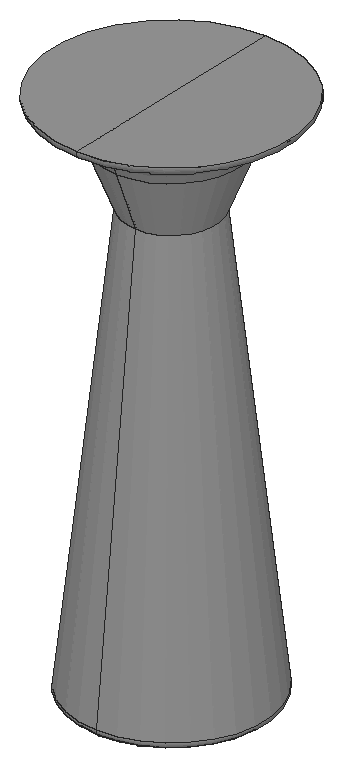
Revit family "FU_Table_Sandler_Essens_9-2", category Furniture, Revit 2020
Family settings
  OmniClass Number = 23.40.20.00
  OmniClass Title = General Furniture and Specialties
  Work Plane-Based = No
  Always vertical = Yes
  Cut with Voids When Loaded = No
  Shared = No
  Room Calculation Point = No
Parameters (values of type "Essens 9.2")
  Width = 480 mm
  Section Width = 180 mm
  Section Depth = Section Width  # 180 mm
  Height = 1085 mm
  Depth = Width  # 480 mm
  Default Elevation = 0 mm
  Base Width = 364 mm
  Base Finish = PE1 - G49 Anthracite
  Base Depth = Base Width  # 364 mm
Reference planes
  plane 1 "Center (Front/Back)": y = 0
  plane 2: z = 0
  plane 3 "Center (Left/Right)": x = 0
  plane 4 "Right": x = -240
  plane 5 "Left": x = 240
  plane 6 "Front": y = -240
  plane 7 "Back": y = 240
  plane 8: z = 1085
  plane 9 "Section": z = 879.013
  plane 10 "Base Right": x = -182
  plane 11 "Base Left": x = 182
  plane 12 "Base Front": y = -182
  plane 13 "Base Back": y = 182
  plane 14 "Section Right": x = -90
  plane 15 "Section Left": x = 90
  plane 16 "Section Front": y = -90
  plane 17 "Section Back": y = 90
Forms (mm)
  Revolve 1, solid, material "PE1 - G49 Anthracite" <- "Base Finish"
    sketch origin (0, 0, 0) x (0, 1, 0) y (0, 0, 1)
      loop
        line (0, 0) -> (0, 879.013) -> (-90, 879.013) -> (-188.885, 12.652)
        arc (-188.885, 12.652) -> (-188.705, 7.486) -> (-185.814, 3.2) r 9.377
        line (-185.814, 3.2) -> (-182, 0) -> (0, 0)
      axis (0, 0) -> (0, 879.013)
    angle from 0 to 360
  Revolve 2, solid, material "PE1 - G49 Anthracite" <- "Base Finish"
    sketch origin (0, 0, 0) x (0, 1, 0) y (0, 0, 1)
      loop
        line (0, 879.013) -> (0, 1085) -> (-240, 1085)
        arc (-240, 1085) -> (-236.657, 1074.159) -> (-226.748, 1068.635) r 15.232
        arc (-226.748, 1068.635) -> (-172.797, 1046.23) -> (-137.73, 999.507) r 110.84
        line (-137.73, 999.507) -> (-90, 879.013) -> (0, 879.013)
      axis (0, 1085) -> (0, 879.013)
    angle from 0 to 360
Dimensions and locks
  equal spacing: plane 7 "Back", plane 1 "Center (Front/Back)", plane 6 "Front"
  "Depth": plane 7 "Back" to plane 6 "Front"
  equal spacing: plane 4 "Right", plane 3 "Center (Left/Right)", plane 5 "Left"
  "Width": plane 4 "Right" to plane 5 "Left"
  "Height": plane 8 to level
  locked: plane 8 to plane 9 "Section" at 205.987
  equal spacing: plane 13 "Base Back", plane 1 "Center (Front/Back)", plane 12 "Base Front"
  "Base Depth": plane 13 "Base Back" to plane 12 "Base Front"
  equal spacing: plane 10 "Base Right", plane 3 "Center (Left/Right)", plane 11 "Base Left"
  "Base Width": plane 10 "Base Right" to plane 11 "Base Left"
  equal spacing: plane 14 "Section Right", plane 3 "Center (Left/Right)", plane 15 "Section Left"
  "Section Width": plane 14 "Section Right" to plane 15 "Section Left"
  equal spacing: plane 17 "Section Back", plane 1 "Center (Front/Back)", plane 16 "Section Front"
  "Section Depth": plane 17 "Section Back" to plane 16 "Section Front"
  aligned and locked: level to plane 2
  aligned and locked: level to Revolve 1 sketch curve
  aligned and locked: plane 12 "Base Front" to Revolve 1 sketch curve
  aligned and locked: plane 9 "Section" to Revolve 1 sketch curve  (x2)
  aligned and locked: plane 16 "Section Front" to Revolve 1 sketch curve
  aligned and locked: Revolve 1 sketch curve to Revolve 1 sketch curve  (x2)
  aligned and locked: Revolve 1 to plane 9 "Section"
  aligned and locked: plane 16 "Section Front" to Revolve 1
  aligned and locked: plane 17 "Section Back" to Revolve 1
Automatic sketch dimensions
  Revolve 1 sketch curve to plane 12 "Base Front" = 3.814 mm
  Revolve 1 sketch curve to plane 12 "Base Front" = 6.885 mm
  plane 12 "Base Front" to Revolve 1 sketch curve = 2.214 mm
  level to Revolve 1 sketch curve = 3.2 mm
  Revolve 1 sketch curve to Revolve 1 sketch curve = 7.184 mm
  Revolve 1 sketch curve to plane 1 "Center (Front/Back)" = 0 mm
  Revolve 1 sketch curve to level = 213.314 mm
  plane 8 to Revolve 1 sketch curve = 849.391 mm
  Revolve 2 sketch curve to plane 6 "Front" = 0 mm
  Revolve 2 sketch curve to plane 9 "Section" = 0 mm
  Revolve 2 sketch curve to plane 16 "Section Front" = 0 mm
  Revolve 2 sketch curve to plane 1 "Center (Front/Back)" = 0 mm  (x2)
  Revolve 2 sketch curve to plane 8 = 0 mm
  Revolve 2 sketch curve to plane 6 "Front" = 0.78 mm
  Revolve 2 sketch curve to Revolve 2 sketch curve = 1.928 mm
  plane 12 "Base Front" to Revolve 2 sketch curve = 44.27 mm
  Revolve 2 sketch curve to Revolve 2 sketch curve = 59.013 mm
  plane 8 to Revolve 2 sketch curve = 80 mm
  Revolve 2 sketch curve to Revolve 2 sketch curve = 15.18 mm
  plane 9 "Section" to Revolve 2 sketch curve = 79.673 mm
  Revolve 2 sketch curve to plane 8 = 85.493 mm
